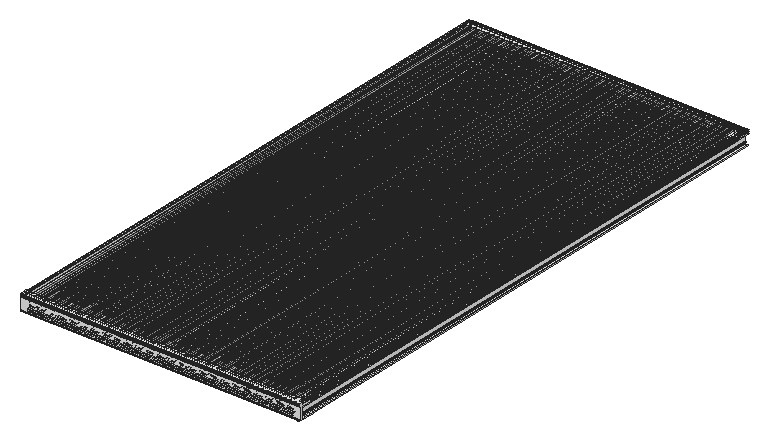
Revit family "All-Lite ECV-345", category Mechanical Equipment, host Face, Revit 2020
Family settings
  Host = Face
  Round Connector Dimension = Use Diameter
  Part Type = Normal
  Cut with Voids When Loaded = No
  Shared = No
  Room Calculation Point = No
Parameters (values of type "60" x 120"")
  Width Control = if(Width < Minimum Width, Minimum Width, Width)  # 60"
  Width = 60"
  Wall Depth [instance] = 18"
  Velocity @ .15 in.wg. Pressure Loss = "1106 fpm"  # constant formula
  URL = "https://www.alllite.com/"
  Pressure Loss = ".19 in. wg"  # constant formula
  Screen = "1/2'' x 0.063'' expanded and flattened aluminum."  # constant formula
  Product URL = "https://www.alllite.com/media/resource/ECV345.pdf"
  Revit Components [instance] = "www.commensestudio.com"
  Mullion = "Visible"  # constant formula
  Modeled By = "Commense Studio"  # constant formula
  Model = "ECV-345"  # constant formula
  Minimum Width = 12"  # constant formula
  Minimum Height = 12"  # constant formula
  Maximum Width = 60"  # constant formula
  Maximum Height = 96"  # constant formula
  Louver Placement from Face [instance] = 1"
  Height Control = if(Height < 8", 8", Height)  # 120"
  Free Area Velocity = "1250 fpm"  # constant formula
  Free Area (48" x 48") = "7.5 ft² 46.9%"  # constant formula
  Design Load = "100 psf"  # constant formula
  Air Volume Delivered = "9375 cfm"  # constant formula
  Material = "Mill finish 6063-T5 extruded aluminum."  # constant formula
  Manufacturer = "All-Lite"  # constant formula
  Aluminum [instance] = Aluminum
  Blade Height = Height Control - 1 25/32"  # 118 7/32"
  Frame = "3'' deep x 0.075'' thick channel."  # constant formula
  Description = "The ECV-345 louver is engineered and tested to withstand\r\nextreme loads, debris impact, and cyclic fatigue associated\r\nwith the severe weather effects of hurricanes. The design\r\nuses closely-spaced blades and a frame with built-in gutter\r\nand downspouts to achieve maximum water infiltration\r\nresistance for minimal louver depth. The ECV-345 is AMCA\r\n540 and 550 listed, making it ideally suited for use in\r\nhurricane-prone and windborne debris regions as per the\r\nInternational Building Code."  # constant formula
  Height = 120"
  Depth = 6"  # constant formula
  Default Elevation = 0"
  Blades = ".06'' thick vertical chevron style."  # constant formula
  Assembly Code = "B3020300"
  Array Control 2 = if(Array Control 1 < 2, 2, Array Control 1)  # 146
  Array Control 1 = (Height - 10 3/4") / 3/4"  # 146
Types (2): name | Width Control | Width | Wall Depth | URL | Product URL | Height Control | Blade Height | Height | Array Control 2 | Array Control 1
  60" x 120" | 60" | 60" | 18" | "https://www.alllite.com/" | "https://www.alllite.com/media/resource/ECV345.pdf" | 120" | 118 7/32" | 120" | 146 | 146
  36" x 48" | 36" | 36" | 12" | "https://www.pottorff.com/" | "" | 48" | 46 7/32" | 48" | 50 | 50
Reference planes (in)
  plane 1 "Center (Front/Back)": y = 0
  plane 2: z = 0
  plane 3 "Center (Left/Right)": x = 0
  plane 4 "L": x = -30
  plane 5 "R": x = 30
  plane 6 "B": y = 60
  plane 7 "F": y = -60
  plane 8 "Framing Sweeps": z = -1
  plane 9: x = -29.125
  plane 10: x = 29.125
  plane 11 "blade": z = -1.24609
  plane 12 "Blade": y = -59.728
  plane 13: y = 58.5
  plane 14: z = -7
  plane 15: z = -18
  plane 16: x = 27.96484
  plane 17: x = -28.9375
Forms (in)
  Sweep 1, solid, material "Aluminum" <- "Aluminum"
    path origin (0, 0, -1) x (-1, 0, 0) y (0, -1, 0)
      loop
        line (30, 60) -> (-30, 60)
    profile "Profile - U Channel - Parametric : 3 5/16 x 3 1/4" origin (0, -60, -1) x (0, 1, 0) y (0, 0, 1)
      loop
        arc (3.24454, -3.309) -> (3.2405, -3.2516) -> (3.19, -3.224) r 0.06
        line (3.19, -3.224) -> (0.272, -3.224) -> (0.272, -0.06) -> (1.609, -0.06)
        arc (1.609, -0.06) -> (1.62445, -0.04814) -> (1.617, -0.03014) r 0.016
        line (1.617, -0.03014) -> (1.56479, 0) -> (0, 0) -> (0, -0.208) -> (0.055, -0.208) -> (0.055, -0.115)
        arc (0.055, -0.115) -> (0.06379, -0.09379) -> (0.085, -0.085) r 0.03
        line (0.085, -0.085) -> (0.157, -0.085)
        arc (0.157, -0.085) -> (0.17821, -0.09379) -> (0.187, -0.115) r 0.03
        line (0.187, -0.115) -> (0.187, -0.497) -> (0.055, -0.497) -> (0.055, -0.439) -> (0, -0.439) -> (0, -0.557) -> (0.187, -0.557) -> (0.187, -3.224) -> (0, -3.224) -> (0, -3.309) -> (3.24454, -3.309)
  Sweep 2, solid, material "Aluminum" <- "Aluminum"
    path origin (0, 0, -1) x (-1, 0, 0) y (0, -1, 0)
      loop
        line (29.125, -60) -> (-29.125, -60)
    profile "Profile - ECV Header : 3 5/16 x 1 1/2" origin (0, 60, -1) x (0, 1, 0) y (0, 0, 1)
      loop
        line (-1.12287, -1.15692) -> (-0.26898, -0.1393)
        arc (-0.26898, -0.1393) -> (-0.23574, -0.13039) -> (-0.216, -0.15858) r 0.03
        line (-0.216, -0.15858) -> (-0.216, -0.407)
        arc (-0.216, -0.407) -> (-0.19843, -0.44943) -> (-0.156, -0.467) r 0.06
        line (-0.156, -0.467) -> (0, -0.467) -> (0, -0.349) -> (-0.055, -0.349) -> (-0.055, -0.407) -> (-0.156, -0.407) -> (-0.156, -0.06) -> (-0.055, -0.06) -> (-0.055, -0.118) -> (0, -0.118) -> (0, 0) -> (-0.19404, 0)
        arc (-0.19404, 0) -> (-0.24476, -0.01124) -> (-0.28597, -0.04287) r 0.12
        line (-0.28597, -0.04287) -> (-1.17888, -1.107) -> (-1.44, -1.107) -> (-1.44, -0.09)
        arc (-1.44, -0.09) -> (-1.43121, -0.06879) -> (-1.41, -0.06) r 0.03
        line (-1.41, -0.06) -> (-0.9661, -0.06) -> (-0.92014, -0.09857) -> (-0.85949, -0.02628)
        arc (-0.85949, -0.02628) -> (-0.85724, -0.00924) -> (-0.87175, 0) r 0.016
        line (-0.87175, 0) -> (-1.5, 0) -> (-1.5, -3.309) -> (0, -3.309) -> (0, -3.224) -> (-1.415, -3.224) -> (-1.415, -2.43313)
        arc (-1.415, -2.43313) -> (-1.40257, -2.40881) -> (-1.37557, -2.40465) r 0.03
        arc (-1.37557, -2.40465) -> (-1.29758, -2.40833) -> (-1.22898, -2.37102) r 0.145
        arc (-1.22898, -2.37102) -> (-1.22836, -2.3286) -> (-1.27078, -2.32798) r 0.03
        arc (-1.27078, -2.32798) -> (-1.415, -2.267) -> (-1.27078, -2.20602) r 0.085
        arc (-1.27078, -2.20602) -> (-1.22836, -2.2054) -> (-1.22898, -2.16298) r 0.03
        arc (-1.22898, -2.16298) -> (-1.29758, -2.12567) -> (-1.37557, -2.12935) r 0.145
        arc (-1.37557, -2.12935) -> (-1.40257, -2.12519) -> (-1.415, -2.10087) r 0.03
        line (-1.415, -2.10087) -> (-1.415, -1.43313)
        arc (-1.415, -1.43313) -> (-1.40257, -1.40881) -> (-1.37557, -1.40465) r 0.03
        arc (-1.37557, -1.40465) -> (-1.35413, -1.40998) -> (-1.33212, -1.41198) r 0.145
        arc (-1.33212, -1.41198) -> (-1.30169, -1.38243) -> (-1.33125, -1.35199) r 0.03
        arc (-1.33125, -1.35199) -> (-1.3901, -1.2069) -> (-1.24501, -1.26575) r 0.085
        arc (-1.24501, -1.26575) -> (-1.21457, -1.29531) -> (-1.18502, -1.26488) r 0.03
        arc (-1.18502, -1.26488) -> (-1.18702, -1.24287) -> (-1.19235, -1.22143) r 0.145
        arc (-1.19235, -1.22143) -> (-1.18941, -1.19627) -> (-1.16828, -1.18233) r 0.03
        arc (-1.16828, -1.18233) -> (-1.14324, -1.17379) -> (-1.12287, -1.15692) r 0.07334
  Sweep 3, solid, material "Aluminum" <- "Aluminum"
    path origin (0, 0, -1) x (-1, 0, 0) y (0, -1, 0)
      loop
        line (30, -60) -> (30, 59.728)
    profile "Profile - ECV Jamb : 3 5/16 x 1 1/2" origin (-30, 0.136, -1) x (1, 0, 0) y (0, 0, 1)
      loop
        line (0.06, -0.587) -> (0.06, -0.928)
        arc (0.06, -0.928) -> (0.06879, -0.94921) -> (0.09, -0.958) r 0.03
        line (0.09, -0.958) -> (0.56387, -0.958)
        arc (0.56387, -0.958) -> (0.58819, -0.94557) -> (0.59235, -0.91857) r 0.03
        arc (0.59235, -0.91857) -> (0.58702, -0.89713) -> (0.58502, -0.87512) r 0.145
        arc (0.58502, -0.87512) -> (0.61457, -0.84469) -> (0.64501, -0.87425) r 0.03
        arc (0.64501, -0.87425) -> (0.7901, -0.9331) -> (0.73125, -0.78801) r 0.085
        arc (0.73125, -0.78801) -> (0.70169, -0.75757) -> (0.73212, -0.72802) r 0.03
        arc (0.73212, -0.72802) -> (0.75413, -0.73002) -> (0.77557, -0.73535) r 0.145
        arc (0.77557, -0.73535) -> (0.80257, -0.73119) -> (0.815, -0.70687) r 0.03
        line (0.815, -0.70687) -> (0.815, -0.18)
        arc (0.815, -0.18) -> (0.80621, -0.15879) -> (0.785, -0.15) r 0.03
        line (0.785, -0.15) -> (0.58617, -0.15)
        arc (0.58617, -0.15) -> (0.5, -0.195) -> (0.41383, -0.15) r 0.105
        line (0.41383, -0.15) -> (0.246, -0.15)
        arc (0.246, -0.15) -> (0.22479, -0.15879) -> (0.216, -0.18) r 0.03
        line (0.216, -0.18) -> (0.216, -0.497)
        arc (0.216, -0.497) -> (0.19843, -0.53943) -> (0.156, -0.557) r 0.06
        line (0.156, -0.557) -> (0.09, -0.557)
        arc (0.09, -0.557) -> (0.06879, -0.56579) -> (0.06, -0.587) r 0.03
      loop
        arc (0, -0.958) -> (0.01757, -1.00043) -> (0.06, -1.018) r 0.06
        line (0.06, -1.018) -> (0.77, -1.018)
        arc (0.77, -1.018) -> (0.79121, -1.02679) -> (0.8, -1.048) r 0.03
        line (0.8, -1.048) -> (0.8, -2.61863)
        arc (0.8, -2.61863) -> (0.78863, -2.64215) -> (0.76314, -2.64784) r 0.03
        arc (0.76314, -2.64784) -> (0.69131, -2.64926) -> (0.62898, -2.68498) r 0.145
        arc (0.62898, -2.68498) -> (0.62836, -2.7274) -> (0.67078, -2.72802) r 0.03
        arc (0.67078, -2.72802) -> (0.815, -2.789) -> (0.67078, -2.84998) r 0.085
        arc (0.67078, -2.84998) -> (0.62836, -2.8506) -> (0.62898, -2.89302) r 0.03
        arc (0.62898, -2.89302) -> (0.69131, -2.92874) -> (0.76314, -2.93016) r 0.145
        arc (0.76314, -2.93016) -> (0.78863, -2.93585) -> (0.8, -2.95937) r 0.03
        line (0.8, -2.95937) -> (0.8, -3.089)
        arc (0.8, -3.089) -> (0.79121, -3.11021) -> (0.77, -3.119) r 0.03
        line (0.77, -3.119) -> (0.09, -3.119)
        arc (0.09, -3.119) -> (0.06879, -3.11021) -> (0.06, -3.089) r 0.03
        line (0.06, -3.089) -> (0.06, -2.974)
        arc (0.06, -2.974) -> (0.03, -2.944) -> (0, -2.974) r 0.03
        line (0, -2.974) -> (0, -3.194) -> (1.47, -3.194)
        arc (1.47, -3.194) -> (1.5, -3.164) -> (1.47, -3.134) r 0.03
        line (1.47, -3.134) -> (0.875, -3.134) -> (0.875, -0.09) -> (0.545, -0.09)
        arc (0.545, -0.09) -> (0.5, -0.135) -> (0.455, -0.09) r 0.045
        line (0.455, -0.09) -> (0, -0.09) -> (0, -0.208) -> (0.055, -0.208) -> (0.055, -0.15) -> (0.156, -0.15) -> (0.156, -0.497) -> (0.055, -0.497) -> (0.055, -0.439) -> (0, -0.439) -> (0, -0.958)
  Sweep 4, solid, material "Aluminum" <- "Aluminum"
    path origin (0, 0, -1) x (-1, 0, 0) y (0, -1, 0)
      loop
        line (-30, -60) -> (-30, 59.728)
    profile "Profile - ECV Jamb : 3 5/16 x 1 1/2" origin (30, 0.136, -1) x (1, 0, 0) y (0, 0, 1)
      loop
        arc (-0.06, -0.587) -> (-0.06879, -0.56579) -> (-0.09, -0.557) r 0.03
        line (-0.09, -0.557) -> (-0.156, -0.557)
        arc (-0.156, -0.557) -> (-0.19843, -0.53943) -> (-0.216, -0.497) r 0.06
        line (-0.216, -0.497) -> (-0.216, -0.18)
        arc (-0.216, -0.18) -> (-0.22479, -0.15879) -> (-0.246, -0.15) r 0.03
        line (-0.246, -0.15) -> (-0.41383, -0.15)
        arc (-0.41383, -0.15) -> (-0.5, -0.195) -> (-0.58617, -0.15) r 0.105
        line (-0.58617, -0.15) -> (-0.785, -0.15)
        arc (-0.785, -0.15) -> (-0.80621, -0.15879) -> (-0.815, -0.18) r 0.03
        line (-0.815, -0.18) -> (-0.815, -0.70687)
        arc (-0.815, -0.70687) -> (-0.80257, -0.73119) -> (-0.77557, -0.73535) r 0.03
        arc (-0.77557, -0.73535) -> (-0.75413, -0.73002) -> (-0.73212, -0.72802) r 0.145
        arc (-0.73212, -0.72802) -> (-0.70169, -0.75757) -> (-0.73125, -0.78801) r 0.03
        arc (-0.73125, -0.78801) -> (-0.7901, -0.9331) -> (-0.64501, -0.87425) r 0.085
        arc (-0.64501, -0.87425) -> (-0.61457, -0.84469) -> (-0.58502, -0.87512) r 0.03
        arc (-0.58502, -0.87512) -> (-0.58702, -0.89713) -> (-0.59235, -0.91857) r 0.145
        arc (-0.59235, -0.91857) -> (-0.58819, -0.94557) -> (-0.56387, -0.958) r 0.03
        line (-0.56387, -0.958) -> (-0.09, -0.958)
        arc (-0.09, -0.958) -> (-0.06879, -0.94921) -> (-0.06, -0.928) r 0.03
        line (-0.06, -0.928) -> (-0.06, -0.587)
      loop
        line (0, -0.958) -> (0, -0.439) -> (-0.055, -0.439) -> (-0.055, -0.497) -> (-0.156, -0.497) -> (-0.156, -0.15) -> (-0.055, -0.15) -> (-0.055, -0.208) -> (0, -0.208) -> (0, -0.09) -> (-0.455, -0.09)
        arc (-0.455, -0.09) -> (-0.5, -0.135) -> (-0.545, -0.09) r 0.045
        line (-0.545, -0.09) -> (-0.875, -0.09) -> (-0.875, -3.134) -> (-1.47, -3.134)
        arc (-1.47, -3.134) -> (-1.5, -3.164) -> (-1.47, -3.194) r 0.03
        line (-1.47, -3.194) -> (0, -3.194) -> (0, -2.974)
        arc (0, -2.974) -> (-0.03, -2.944) -> (-0.06, -2.974) r 0.03
        line (-0.06, -2.974) -> (-0.06, -3.089)
        arc (-0.06, -3.089) -> (-0.06879, -3.11021) -> (-0.09, -3.119) r 0.03
        line (-0.09, -3.119) -> (-0.77, -3.119)
        arc (-0.77, -3.119) -> (-0.79121, -3.11021) -> (-0.8, -3.089) r 0.03
        line (-0.8, -3.089) -> (-0.8, -2.95937)
        arc (-0.8, -2.95937) -> (-0.78863, -2.93585) -> (-0.76314, -2.93016) r 0.03
        arc (-0.76314, -2.93016) -> (-0.69131, -2.92874) -> (-0.62898, -2.89302) r 0.145
        arc (-0.62898, -2.89302) -> (-0.62836, -2.8506) -> (-0.67078, -2.84998) r 0.03
        arc (-0.67078, -2.84998) -> (-0.815, -2.789) -> (-0.67078, -2.72802) r 0.085
        arc (-0.67078, -2.72802) -> (-0.62836, -2.7274) -> (-0.62898, -2.68498) r 0.03
        arc (-0.62898, -2.68498) -> (-0.69131, -2.64926) -> (-0.76314, -2.64784) r 0.145
        arc (-0.76314, -2.64784) -> (-0.78863, -2.64215) -> (-0.8, -2.61863) r 0.03
        line (-0.8, -2.61863) -> (-0.8, -1.048)
        arc (-0.8, -1.048) -> (-0.79121, -1.02679) -> (-0.77, -1.018) r 0.03
        line (-0.77, -1.018) -> (-0.06, -1.018)
        arc (-0.06, -1.018) -> (-0.01757, -1.00043) -> (0, -0.958) r 0.06
  Extrusion 5, void
    sketch origin (10.61611, 0, 0) x (0, 0, 1) y (0, -1, 0)
      loop
        line (0, 60) -> (-18, 60) -> (-18, -60) -> (0, -60) -> (0, 60)
    from -40.61611 to 19.38389
Cuts and joins
  joined: Sweep 1, Sweep 3, Sweep 4
Lines and regions (in)
  symbolic lines
    curve 1: line (-30, 60, -1) -> (30, 60, -1)
    curve 2: line (-30, -60, -1) -> (-30, 60, -1)
    curve 3: line (30, -60, -1) -> (-30, -60, -1)
    curve 4: line (30, 60, -1) -> (30, -60, -1)
    curve 5: line (-29.5, 59.5, -1) -> (29.5, 59.5, -1)
    curve 6: line (29.5, 59.5, -1) -> (29.5, -59.5, -1)
    curve 7: line (29.5, -59.5, -1) -> (-29.5, -59.5, -1)
    curve 8: line (-29.5, -59.5, -1) -> (-29.5, 59.5, -1)
Dimensions and locks (in)
  equal spacing: plane 4 "L", plane 3 "Center (Left/Right)", plane 5 "R"
  "Width Control": plane 4 "L" to plane 5 "R"
  equal spacing: plane 7 "F", plane 1 "Center (Front/Back)", plane 6 "B"
  "Height Control": plane 7 "F" to plane 6 "B"
  "Louver Placement from Face": level to plane 8 "Framing Sweeps"
  locked: plane 4 "L" to plane 9 at 0.875
  locked: plane 10 to plane 5 "R" at 0.875
  locked: plane 7 "F" to plane 12 "Blade" at 0.272
  locked: plane 13 to plane 6 "B" at 1.5
  locked: plane 8 "Framing Sweeps" to plane 11 "blade" at 0.24609
  "Wall Depth": level to plane 15
  "Depth": plane 8 "Framing Sweeps" to plane 14
  locked: plane 17 to plane 4 "L" at 1.0625
  locked: plane 16 to plane 5 "R" at 2.03516
  equal spacing: group 1, group 3, group 4, group 5, group 6, group 7, group 8, group 9, group 10, group 11, group 12, group 13, group 14, group 15, group 16, group 17, group 18, group 19, group 20, group 21, group 22, group 23, group 24, group 25, group 26, group 27, group 28, group 29, group 30, group 31, group 32, group 33, group 34, group 35, group 36, group 37, group 38, group 39, group 40, group 41, group 42, group 43, group 44, group 45, group 46, group 47, group 48, group 49, group 50, group 51, group 52, group 53, group 54, group 55, group 56, group 57, group 58, group 59, group 60, group 61, group 62, group 63, group 64, group 65, group 66, group 67, group 68, group 69, group 70, group 71, group 72, group 73, group 74, group 75, group 76, group 77, group 78, group 79, group 80, group 81, group 82, group 83, group 84, group 85, group 86, group 87, group 88, group 89, group 90, group 91, group 92, group 93, group 94, group 95, group 96, group 97, group 98, group 99, group 100, group 101, group 102, group 103, group 104, group 105, group 106, group 107, group 108, group 109, group 110, group 111, group 112, group 113, group 114, group 115, group 116, group 117, group 118, group 119, group 120, group 121, group 122, group 123, group 124, group 125, group 126, group 127, group 128, group 129, group 130, group 131, group 132, group 133, group 134, group 135, group 136, group 137, group 138, group 139, group 140, group 141, group 142, group 143, group 144, group 145, group 146, group 2  (x3)
  plane 12 "Blade" to plane 13 = 118.228"
  aligned and locked: plane 2 to host face
  aligned and locked: level to host face
  aligned and locked: plane 6 "B" to Sweep 2 sketch curve
  aligned and locked: Sweep 4 sketch curve to plane 5 "R"
  aligned and locked: plane 9 to Sweep 2 sketch curve
  aligned and locked: Sweep 2 sketch curve to plane 10
  aligned and locked: plane 15 to Extrusion 5
  aligned and locked: plane 7 "F" to Extrusion 5
  aligned and locked: Extrusion 5 to plane 4 "L"
  aligned and locked: plane 5 "R" to Extrusion 5
  aligned and locked: plane 12 "Blade" to Sweep 3 sketch curve
  aligned and locked: plane 12 "Blade" to Sweep 4 sketch curve
  aligned and locked: nested 1 to plane 11 "blade"
  aligned and locked: nested 1 to plane 17
  aligned and locked: nested 2 to plane 11 "blade"
  aligned and locked: nested 2 to plane 16
  aligned and locked: nested 1 to plane 12 "Blade"
  aligned and locked: nested 2 to plane 12 "Blade"
Automatic sketch dimensions
  host sketch curve to host sketch curve = 96"
  host sketch curve to host sketch curve = 158.30898"
  curve 1 to plane 5 "R" = 0"
  curve 2 to plane 4 "L" = 0"
  plane 6 "B" to curve 1 = 0"
  plane 7 "F" to curve 3 = 0"
  curve 7 to plane 5 "R" = 1/2"
  plane 4 "L" to curve 7 = 1/2"
  plane 6 "B" to curve 5 = 1/2"
  curve 8 to plane 7 "F" = 1/2"
  Sweep 4 sketch curve to plane 6 "B" = 0"
  Sweep 3 sketch curve to plane 4 "L" = 0"
  Sweep 3 sketch curve to plane 6 "B" = 0"
  Sweep 1 sketch curve to plane 5 "R" = 0"
  Sweep 1 sketch curve to plane 4 "L" = 0"
  plane 7 "F" to Sweep 1 sketch curve = 0"
  Extrusion 5 sketch curve to level = 0"
  Extrusion 5 sketch curve to plane 6 "B" = 0"
  Extrusion 5 sketch curve to plane 11 "blade" = 16 193/256"
  Extrusion 5 sketch curve to plane 7 "F" = 0"
Nested families (in)
  nested 1: "Blade_Chevron-Style 3in" at (-28.9375, -0.61863, -1.24609) x (0, 1, 0) z (0, 0, 1), type "Blade_Chevron-Style 3in"
    with W 118 7/32"
  nested 2: "Blade_Chevron-Style 3in" at (27.96484, -0.61863, -1.24609) x (0, 1, 0) z (0, 0, 1), type "Blade_Chevron-Style 3in"
    with W 118 7/32"
  nested 3: "Blade_Chevron-Style 3in" at (-28.54507, -0.61863, -1.24609) x (0, 1, 0) z (0, 0, 1), type "Blade_Chevron-Style 3in"
    with W 118 7/32"
  nested 4: "Blade_Chevron-Style 3in" at (-28.15264, -0.61863, -1.24609) x (0, 1, 0) z (0, 0, 1), type "Blade_Chevron-Style 3in"
    with W 118 7/32"
  nested 5: "Blade_Chevron-Style 3in" at (-27.76021, -0.61863, -1.24609) x (0, 1, 0) z (0, 0, 1), type "Blade_Chevron-Style 3in"
    with W 118 7/32"
  nested 6: "Blade_Chevron-Style 3in" at (-27.36778, -0.61863, -1.24609) x (0, 1, 0) z (0, 0, 1), type "Blade_Chevron-Style 3in"
    with W 118 7/32"
  nested 7: "Blade_Chevron-Style 3in" at (-26.97535, -0.61863, -1.24609) x (0, 1, 0) z (0, 0, 1), type "Blade_Chevron-Style 3in"
    with W 118 7/32"
  nested 8: "Blade_Chevron-Style 3in" at (-26.58292, -0.61863, -1.24609) x (0, 1, 0) z (0, 0, 1), type "Blade_Chevron-Style 3in"
    with W 118 7/32"
  nested 9: "Blade_Chevron-Style 3in" at (-26.19049, -0.61863, -1.24609) x (0, 1, 0) z (0, 0, 1), type "Blade_Chevron-Style 3in"
    with W 118 7/32"
  nested 10: "Blade_Chevron-Style 3in" at (-25.79806, -0.61863, -1.24609) x (0, 1, 0) z (0, 0, 1), type "Blade_Chevron-Style 3in"
    with W 118 7/32"
  nested 11: "Blade_Chevron-Style 3in" at (-25.40563, -0.61863, -1.24609) x (0, 1, 0) z (0, 0, 1), type "Blade_Chevron-Style 3in"
    with W 118 7/32"
  nested 12: "Blade_Chevron-Style 3in" at (-25.0132, -0.61863, -1.24609) x (0, 1, 0) z (0, 0, 1), type "Blade_Chevron-Style 3in"
    with W 118 7/32"
  nested 13: "Blade_Chevron-Style 3in" at (-24.62077, -0.61863, -1.24609) x (0, 1, 0) z (0, 0, 1), type "Blade_Chevron-Style 3in"
    with W 118 7/32"
  nested 14: "Blade_Chevron-Style 3in" at (-24.22834, -0.61863, -1.24609) x (0, 1, 0) z (0, 0, 1), type "Blade_Chevron-Style 3in"
    with W 118 7/32"
  nested 15: "Blade_Chevron-Style 3in" at (-23.83591, -0.61863, -1.24609) x (0, 1, 0) z (0, 0, 1), type "Blade_Chevron-Style 3in"
    with W 118 7/32"
  nested 16: "Blade_Chevron-Style 3in" at (-23.44348, -0.61863, -1.24609) x (0, 1, 0) z (0, 0, 1), type "Blade_Chevron-Style 3in"
    with W 118 7/32"
  nested 17: "Blade_Chevron-Style 3in" at (-23.05105, -0.61863, -1.24609) x (0, 1, 0) z (0, 0, 1), type "Blade_Chevron-Style 3in"
    with W 118 7/32"
  nested 18: "Blade_Chevron-Style 3in" at (-22.65862, -0.61863, -1.24609) x (0, 1, 0) z (0, 0, 1), type "Blade_Chevron-Style 3in"
    with W 118 7/32"
  nested 19: "Blade_Chevron-Style 3in" at (-22.26619, -0.61863, -1.24609) x (0, 1, 0) z (0, 0, 1), type "Blade_Chevron-Style 3in"
    with W 118 7/32"
  nested 20: "Blade_Chevron-Style 3in" at (-21.87376, -0.61863, -1.24609) x (0, 1, 0) z (0, 0, 1), type "Blade_Chevron-Style 3in"
    with W 118 7/32"
  nested 21: "Blade_Chevron-Style 3in" at (-21.48133, -0.61863, -1.24609) x (0, 1, 0) z (0, 0, 1), type "Blade_Chevron-Style 3in"
    with W 118 7/32"
  nested 22: "Blade_Chevron-Style 3in" at (-21.0889, -0.61863, -1.24609) x (0, 1, 0) z (0, 0, 1), type "Blade_Chevron-Style 3in"
    with W 118 7/32"
  nested 23: "Blade_Chevron-Style 3in" at (-20.69647, -0.61863, -1.24609) x (0, 1, 0) z (0, 0, 1), type "Blade_Chevron-Style 3in"
    with W 118 7/32"
  nested 24: "Blade_Chevron-Style 3in" at (-20.30404, -0.61863, -1.24609) x (0, 1, 0) z (0, 0, 1), type "Blade_Chevron-Style 3in"
    with W 118 7/32"
  nested 25: "Blade_Chevron-Style 3in" at (-19.91161, -0.61863, -1.24609) x (0, 1, 0) z (0, 0, 1), type "Blade_Chevron-Style 3in"
    with W 118 7/32"
  nested 26: "Blade_Chevron-Style 3in" at (-19.51918, -0.61863, -1.24609) x (0, 1, 0) z (0, 0, 1), type "Blade_Chevron-Style 3in"
    with W 118 7/32"
  nested 27: "Blade_Chevron-Style 3in" at (-19.12675, -0.61863, -1.24609) x (0, 1, 0) z (0, 0, 1), type "Blade_Chevron-Style 3in"
    with W 118 7/32"
  nested 28: "Blade_Chevron-Style 3in" at (-18.73432, -0.61863, -1.24609) x (0, 1, 0) z (0, 0, 1), type "Blade_Chevron-Style 3in"
    with W 118 7/32"
  nested 29: "Blade_Chevron-Style 3in" at (-18.34189, -0.61863, -1.24609) x (0, 1, 0) z (0, 0, 1), type "Blade_Chevron-Style 3in"
    with W 118 7/32"
  nested 30: "Blade_Chevron-Style 3in" at (-17.94946, -0.61863, -1.24609) x (0, 1, 0) z (0, 0, 1), type "Blade_Chevron-Style 3in"
    with W 118 7/32"
  nested 31: "Blade_Chevron-Style 3in" at (-17.55703, -0.61863, -1.24609) x (0, 1, 0) z (0, 0, 1), type "Blade_Chevron-Style 3in"
    with W 118 7/32"
  nested 32: "Blade_Chevron-Style 3in" at (-17.1646, -0.61863, -1.24609) x (0, 1, 0) z (0, 0, 1), type "Blade_Chevron-Style 3in"
    with W 118 7/32"
  nested 33: "Blade_Chevron-Style 3in" at (-16.77217, -0.61863, -1.24609) x (0, 1, 0) z (0, 0, 1), type "Blade_Chevron-Style 3in"
    with W 118 7/32"
  nested 34: "Blade_Chevron-Style 3in" at (-16.37974, -0.61863, -1.24609) x (0, 1, 0) z (0, 0, 1), type "Blade_Chevron-Style 3in"
    with W 118 7/32"
  nested 35: "Blade_Chevron-Style 3in" at (-15.98731, -0.61863, -1.24609) x (0, 1, 0) z (0, 0, 1), type "Blade_Chevron-Style 3in"
    with W 118 7/32"
  nested 36: "Blade_Chevron-Style 3in" at (-15.59488, -0.61863, -1.24609) x (0, 1, 0) z (0, 0, 1), type "Blade_Chevron-Style 3in"
    with W 118 7/32"
  nested 37: "Blade_Chevron-Style 3in" at (-15.20245, -0.61863, -1.24609) x (0, 1, 0) z (0, 0, 1), type "Blade_Chevron-Style 3in"
    with W 118 7/32"
  nested 38: "Blade_Chevron-Style 3in" at (-14.81002, -0.61863, -1.24609) x (0, 1, 0) z (0, 0, 1), type "Blade_Chevron-Style 3in"
    with W 118 7/32"
  nested 39: "Blade_Chevron-Style 3in" at (-14.41759, -0.61863, -1.24609) x (0, 1, 0) z (0, 0, 1), type "Blade_Chevron-Style 3in"
    with W 118 7/32"
  nested 40: "Blade_Chevron-Style 3in" at (-14.02516, -0.61863, -1.24609) x (0, 1, 0) z (0, 0, 1), type "Blade_Chevron-Style 3in"
    with W 118 7/32"
  nested 41: "Blade_Chevron-Style 3in" at (-13.63273, -0.61863, -1.24609) x (0, 1, 0) z (0, 0, 1), type "Blade_Chevron-Style 3in"
    with W 118 7/32"
  nested 42: "Blade_Chevron-Style 3in" at (-13.2403, -0.61863, -1.24609) x (0, 1, 0) z (0, 0, 1), type "Blade_Chevron-Style 3in"
    with W 118 7/32"
  nested 43: "Blade_Chevron-Style 3in" at (-12.84787, -0.61863, -1.24609) x (0, 1, 0) z (0, 0, 1), type "Blade_Chevron-Style 3in"
    with W 118 7/32"
  nested 44: "Blade_Chevron-Style 3in" at (-12.45544, -0.61863, -1.24609) x (0, 1, 0) z (0, 0, 1), type "Blade_Chevron-Style 3in"
    with W 118 7/32"
  nested 45: "Blade_Chevron-Style 3in" at (-12.06301, -0.61863, -1.24609) x (0, 1, 0) z (0, 0, 1), type "Blade_Chevron-Style 3in"
    with W 118 7/32"
  nested 46: "Blade_Chevron-Style 3in" at (-11.67058, -0.61863, -1.24609) x (0, 1, 0) z (0, 0, 1), type "Blade_Chevron-Style 3in"
    with W 118 7/32"
  nested 47: "Blade_Chevron-Style 3in" at (-11.27815, -0.61863, -1.24609) x (0, 1, 0) z (0, 0, 1), type "Blade_Chevron-Style 3in"
    with W 118 7/32"
  nested 48: "Blade_Chevron-Style 3in" at (-10.88572, -0.61863, -1.24609) x (0, 1, 0) z (0, 0, 1), type "Blade_Chevron-Style 3in"
    with W 118 7/32"
  nested 49: "Blade_Chevron-Style 3in" at (-10.49329, -0.61863, -1.24609) x (0, 1, 0) z (0, 0, 1), type "Blade_Chevron-Style 3in"
    with W 118 7/32"
  nested 50: "Blade_Chevron-Style 3in" at (-10.10086, -0.61863, -1.24609) x (0, 1, 0) z (0, 0, 1), type "Blade_Chevron-Style 3in"
    with W 118 7/32"
  nested 51: "Blade_Chevron-Style 3in" at (-9.70843, -0.61863, -1.24609) x (0, 1, 0) z (0, 0, 1), type "Blade_Chevron-Style 3in"
    with W 118 7/32"
  nested 52: "Blade_Chevron-Style 3in" at (-9.316, -0.61863, -1.24609) x (0, 1, 0) z (0, 0, 1), type "Blade_Chevron-Style 3in"
    with W 118 7/32"
  nested 53: "Blade_Chevron-Style 3in" at (-8.92357, -0.61863, -1.24609) x (0, 1, 0) z (0, 0, 1), type "Blade_Chevron-Style 3in"
    with W 118 7/32"
  nested 54: "Blade_Chevron-Style 3in" at (-8.53114, -0.61863, -1.24609) x (0, 1, 0) z (0, 0, 1), type "Blade_Chevron-Style 3in"
    with W 118 7/32"
  nested 55: "Blade_Chevron-Style 3in" at (-8.13871, -0.61863, -1.24609) x (0, 1, 0) z (0, 0, 1), type "Blade_Chevron-Style 3in"
    with W 118 7/32"
  nested 56: "Blade_Chevron-Style 3in" at (-7.74628, -0.61863, -1.24609) x (0, 1, 0) z (0, 0, 1), type "Blade_Chevron-Style 3in"
    with W 118 7/32"
  nested 57: "Blade_Chevron-Style 3in" at (-7.35385, -0.61863, -1.24609) x (0, 1, 0) z (0, 0, 1), type "Blade_Chevron-Style 3in"
    with W 118 7/32"
  nested 58: "Blade_Chevron-Style 3in" at (-6.96142, -0.61863, -1.24609) x (0, 1, 0) z (0, 0, 1), type "Blade_Chevron-Style 3in"
    with W 118 7/32"
  nested 59: "Blade_Chevron-Style 3in" at (-6.56899, -0.61863, -1.24609) x (0, 1, 0) z (0, 0, 1), type "Blade_Chevron-Style 3in"
    with W 118 7/32"
  nested 60: "Blade_Chevron-Style 3in" at (-6.17656, -0.61863, -1.24609) x (0, 1, 0) z (0, 0, 1), type "Blade_Chevron-Style 3in"
    with W 118 7/32"
  nested 61: "Blade_Chevron-Style 3in" at (-5.78413, -0.61863, -1.24609) x (0, 1, 0) z (0, 0, 1), type "Blade_Chevron-Style 3in"
    with W 118 7/32"
  nested 62: "Blade_Chevron-Style 3in" at (-5.3917, -0.61863, -1.24609) x (0, 1, 0) z (0, 0, 1), type "Blade_Chevron-Style 3in"
    with W 118 7/32"
  nested 63: "Blade_Chevron-Style 3in" at (-4.99927, -0.61863, -1.24609) x (0, 1, 0) z (0, 0, 1), type "Blade_Chevron-Style 3in"
    with W 118 7/32"
  nested 64: "Blade_Chevron-Style 3in" at (-4.60684, -0.61863, -1.24609) x (0, 1, 0) z (0, 0, 1), type "Blade_Chevron-Style 3in"
    with W 118 7/32"
  nested 65: "Blade_Chevron-Style 3in" at (-4.21441, -0.61863, -1.24609) x (0, 1, 0) z (0, 0, 1), type "Blade_Chevron-Style 3in"
    with W 118 7/32"
  nested 66: "Blade_Chevron-Style 3in" at (-3.82198, -0.61863, -1.24609) x (0, 1, 0) z (0, 0, 1), type "Blade_Chevron-Style 3in"
    with W 118 7/32"
  nested 67: "Blade_Chevron-Style 3in" at (-3.42955, -0.61863, -1.24609) x (0, 1, 0) z (0, 0, 1), type "Blade_Chevron-Style 3in"
    with W 118 7/32"
  nested 68: "Blade_Chevron-Style 3in" at (-3.03712, -0.61863, -1.24609) x (0, 1, 0) z (0, 0, 1), type "Blade_Chevron-Style 3in"
    with W 118 7/32"
  nested 69: "Blade_Chevron-Style 3in" at (-2.64469, -0.61863, -1.24609) x (0, 1, 0) z (0, 0, 1), type "Blade_Chevron-Style 3in"
    with W 118 7/32"
  nested 70: "Blade_Chevron-Style 3in" at (-2.25226, -0.61863, -1.24609) x (0, 1, 0) z (0, 0, 1), type "Blade_Chevron-Style 3in"
    with W 118 7/32"
  nested 71: "Blade_Chevron-Style 3in" at (-1.85983, -0.61863, -1.24609) x (0, 1, 0) z (0, 0, 1), type "Blade_Chevron-Style 3in"
    with W 118 7/32"
  nested 72: "Blade_Chevron-Style 3in" at (-1.4674, -0.61863, -1.24609) x (0, 1, 0) z (0, 0, 1), type "Blade_Chevron-Style 3in"
    with W 118 7/32"
  nested 73: "Blade_Chevron-Style 3in" at (-1.07497, -0.61863, -1.24609) x (0, 1, 0) z (0, 0, 1), type "Blade_Chevron-Style 3in"
    with W 118 7/32"
  nested 74: "Blade_Chevron-Style 3in" at (-0.68254, -0.61863, -1.24609) x (0, 1, 0) z (0, 0, 1), type "Blade_Chevron-Style 3in"
    with W 118 7/32"
  nested 75: "Blade_Chevron-Style 3in" at (-0.29011, -0.61863, -1.24609) x (0, 1, 0) z (0, 0, 1), type "Blade_Chevron-Style 3in"
    with W 118 7/32"
  nested 76: "Blade_Chevron-Style 3in" at (0.10232, -0.61863, -1.24609) x (0, 1, 0) z (0, 0, 1), type "Blade_Chevron-Style 3in"
    with W 118 7/32"
  nested 77: "Blade_Chevron-Style 3in" at (0.49475, -0.61863, -1.24609) x (0, 1, 0) z (0, 0, 1), type "Blade_Chevron-Style 3in"
    with W 118 7/32"
  nested 78: "Blade_Chevron-Style 3in" at (0.88718, -0.61863, -1.24609) x (0, 1, 0) z (0, 0, 1), type "Blade_Chevron-Style 3in"
    with W 118 7/32"
  nested 79: "Blade_Chevron-Style 3in" at (1.27961, -0.61863, -1.24609) x (0, 1, 0) z (0, 0, 1), type "Blade_Chevron-Style 3in"
    with W 118 7/32"
  nested 80: "Blade_Chevron-Style 3in" at (1.67204, -0.61863, -1.24609) x (0, 1, 0) z (0, 0, 1), type "Blade_Chevron-Style 3in"
    with W 118 7/32"
  nested 81: "Blade_Chevron-Style 3in" at (2.06447, -0.61863, -1.24609) x (0, 1, 0) z (0, 0, 1), type "Blade_Chevron-Style 3in"
    with W 118 7/32"
  nested 82: "Blade_Chevron-Style 3in" at (2.4569, -0.61863, -1.24609) x (0, 1, 0) z (0, 0, 1), type "Blade_Chevron-Style 3in"
    with W 118 7/32"
  nested 83: "Blade_Chevron-Style 3in" at (2.84933, -0.61863, -1.24609) x (0, 1, 0) z (0, 0, 1), type "Blade_Chevron-Style 3in"
    with W 118 7/32"
  nested 84: "Blade_Chevron-Style 3in" at (3.24176, -0.61863, -1.24609) x (0, 1, 0) z (0, 0, 1), type "Blade_Chevron-Style 3in"
    with W 118 7/32"
  nested 85: "Blade_Chevron-Style 3in" at (3.63419, -0.61863, -1.24609) x (0, 1, 0) z (0, 0, 1), type "Blade_Chevron-Style 3in"
    with W 118 7/32"
  nested 86: "Blade_Chevron-Style 3in" at (4.02662, -0.61863, -1.24609) x (0, 1, 0) z (0, 0, 1), type "Blade_Chevron-Style 3in"
    with W 118 7/32"
  nested 87: "Blade_Chevron-Style 3in" at (4.41905, -0.61863, -1.24609) x (0, 1, 0) z (0, 0, 1), type "Blade_Chevron-Style 3in"
    with W 118 7/32"
  nested 88: "Blade_Chevron-Style 3in" at (4.81148, -0.61863, -1.24609) x (0, 1, 0) z (0, 0, 1), type "Blade_Chevron-Style 3in"
    with W 118 7/32"
  nested 89: "Blade_Chevron-Style 3in" at (5.20391, -0.61863, -1.24609) x (0, 1, 0) z (0, 0, 1), type "Blade_Chevron-Style 3in"
    with W 118 7/32"
  nested 90: "Blade_Chevron-Style 3in" at (5.59634, -0.61863, -1.24609) x (0, 1, 0) z (0, 0, 1), type "Blade_Chevron-Style 3in"
    with W 118 7/32"
  nested 91: "Blade_Chevron-Style 3in" at (5.98877, -0.61863, -1.24609) x (0, 1, 0) z (0, 0, 1), type "Blade_Chevron-Style 3in"
    with W 118 7/32"
  nested 92: "Blade_Chevron-Style 3in" at (6.3812, -0.61863, -1.24609) x (0, 1, 0) z (0, 0, 1), type "Blade_Chevron-Style 3in"
    with W 118 7/32"
  nested 93: "Blade_Chevron-Style 3in" at (6.77363, -0.61863, -1.24609) x (0, 1, 0) z (0, 0, 1), type "Blade_Chevron-Style 3in"
    with W 118 7/32"
  nested 94: "Blade_Chevron-Style 3in" at (7.16606, -0.61863, -1.24609) x (0, 1, 0) z (0, 0, 1), type "Blade_Chevron-Style 3in"
    with W 118 7/32"
  nested 95: "Blade_Chevron-Style 3in" at (7.55849, -0.61863, -1.24609) x (0, 1, 0) z (0, 0, 1), type "Blade_Chevron-Style 3in"
    with W 118 7/32"
  nested 96: "Blade_Chevron-Style 3in" at (7.95092, -0.61863, -1.24609) x (0, 1, 0) z (0, 0, 1), type "Blade_Chevron-Style 3in"
    with W 118 7/32"
  nested 97: "Blade_Chevron-Style 3in" at (8.34335, -0.61863, -1.24609) x (0, 1, 0) z (0, 0, 1), type "Blade_Chevron-Style 3in"
    with W 118 7/32"
  nested 98: "Blade_Chevron-Style 3in" at (8.73578, -0.61863, -1.24609) x (0, 1, 0) z (0, 0, 1), type "Blade_Chevron-Style 3in"
    with W 118 7/32"
  nested 99: "Blade_Chevron-Style 3in" at (9.12821, -0.61863, -1.24609) x (0, 1, 0) z (0, 0, 1), type "Blade_Chevron-Style 3in"
    with W 118 7/32"
  nested 100: "Blade_Chevron-Style 3in" at (9.52064, -0.61863, -1.24609) x (0, 1, 0) z (0, 0, 1), type "Blade_Chevron-Style 3in"
    with W 118 7/32"
  nested 101: "Blade_Chevron-Style 3in" at (9.91307, -0.61863, -1.24609) x (0, 1, 0) z (0, 0, 1), type "Blade_Chevron-Style 3in"
    with W 118 7/32"
  nested 102: "Blade_Chevron-Style 3in" at (10.3055, -0.61863, -1.24609) x (0, 1, 0) z (0, 0, 1), type "Blade_Chevron-Style 3in"
    with W 118 7/32"
  nested 103: "Blade_Chevron-Style 3in" at (10.69793, -0.61863, -1.24609) x (0, 1, 0) z (0, 0, 1), type "Blade_Chevron-Style 3in"
    with W 118 7/32"
  nested 104: "Blade_Chevron-Style 3in" at (11.09036, -0.61863, -1.24609) x (0, 1, 0) z (0, 0, 1), type "Blade_Chevron-Style 3in"
    with W 118 7/32"
  nested 105: "Blade_Chevron-Style 3in" at (11.48279, -0.61863, -1.24609) x (0, 1, 0) z (0, 0, 1), type "Blade_Chevron-Style 3in"
    with W 118 7/32"
  nested 106: "Blade_Chevron-Style 3in" at (11.87522, -0.61863, -1.24609) x (0, 1, 0) z (0, 0, 1), type "Blade_Chevron-Style 3in"
    with W 118 7/32"
  nested 107: "Blade_Chevron-Style 3in" at (12.26765, -0.61863, -1.24609) x (0, 1, 0) z (0, 0, 1), type "Blade_Chevron-Style 3in"
    with W 118 7/32"
  nested 108: "Blade_Chevron-Style 3in" at (12.66008, -0.61863, -1.24609) x (0, 1, 0) z (0, 0, 1), type "Blade_Chevron-Style 3in"
    with W 118 7/32"
  nested 109: "Blade_Chevron-Style 3in" at (13.05251, -0.61863, -1.24609) x (0, 1, 0) z (0, 0, 1), type "Blade_Chevron-Style 3in"
    with W 118 7/32"
  nested 110: "Blade_Chevron-Style 3in" at (13.44494, -0.61863, -1.24609) x (0, 1, 0) z (0, 0, 1), type "Blade_Chevron-Style 3in"
    with W 118 7/32"
  nested 111: "Blade_Chevron-Style 3in" at (13.83737, -0.61863, -1.24609) x (0, 1, 0) z (0, 0, 1), type "Blade_Chevron-Style 3in"
    with W 118 7/32"
  nested 112: "Blade_Chevron-Style 3in" at (14.2298, -0.61863, -1.24609) x (0, 1, 0) z (0, 0, 1), type "Blade_Chevron-Style 3in"
    with W 118 7/32"
  nested 113: "Blade_Chevron-Style 3in" at (14.62223, -0.61863, -1.24609) x (0, 1, 0) z (0, 0, 1), type "Blade_Chevron-Style 3in"
    with W 118 7/32"
  nested 114: "Blade_Chevron-Style 3in" at (15.01466, -0.61863, -1.24609) x (0, 1, 0) z (0, 0, 1), type "Blade_Chevron-Style 3in"
    with W 118 7/32"
  nested 115: "Blade_Chevron-Style 3in" at (15.40709, -0.61863, -1.24609) x (0, 1, 0) z (0, 0, 1), type "Blade_Chevron-Style 3in"
    with W 118 7/32"
  nested 116: "Blade_Chevron-Style 3in" at (15.79952, -0.61863, -1.24609) x (0, 1, 0) z (0, 0, 1), type "Blade_Chevron-Style 3in"
    with W 118 7/32"
  nested 117: "Blade_Chevron-Style 3in" at (16.19195, -0.61863, -1.24609) x (0, 1, 0) z (0, 0, 1), type "Blade_Chevron-Style 3in"
    with W 118 7/32"
  nested 118: "Blade_Chevron-Style 3in" at (16.58438, -0.61863, -1.24609) x (0, 1, 0) z (0, 0, 1), type "Blade_Chevron-Style 3in"
    with W 118 7/32"
  nested 119: "Blade_Chevron-Style 3in" at (16.9768, -0.61863, -1.24609) x (0, 1, 0) z (0, 0, 1), type "Blade_Chevron-Style 3in"
    with W 118 7/32"
  nested 120: "Blade_Chevron-Style 3in" at (17.36923, -0.61863, -1.24609) x (0, 1, 0) z (0, 0, 1), type "Blade_Chevron-Style 3in"
    with W 118 7/32"
  nested 121: "Blade_Chevron-Style 3in" at (17.76166, -0.61863, -1.24609) x (0, 1, 0) z (0, 0, 1), type "Blade_Chevron-Style 3in"
    with W 118 7/32"
  nested 122: "Blade_Chevron-Style 3in" at (18.15409, -0.61863, -1.24609) x (0, 1, 0) z (0, 0, 1), type "Blade_Chevron-Style 3in"
    with W 118 7/32"
  nested 123: "Blade_Chevron-Style 3in" at (18.54652, -0.61863, -1.24609) x (0, 1, 0) z (0, 0, 1), type "Blade_Chevron-Style 3in"
    with W 118 7/32"
  nested 124: "Blade_Chevron-Style 3in" at (18.93895, -0.61863, -1.24609) x (0, 1, 0) z (0, 0, 1), type "Blade_Chevron-Style 3in"
    with W 118 7/32"
  nested 125: "Blade_Chevron-Style 3in" at (19.33138, -0.61863, -1.24609) x (0, 1, 0) z (0, 0, 1), type "Blade_Chevron-Style 3in"
    with W 118 7/32"
  nested 126: "Blade_Chevron-Style 3in" at (19.72381, -0.61863, -1.24609) x (0, 1, 0) z (0, 0, 1), type "Blade_Chevron-Style 3in"
    with W 118 7/32"
  nested 127: "Blade_Chevron-Style 3in" at (20.11624, -0.61863, -1.24609) x (0, 1, 0) z (0, 0, 1), type "Blade_Chevron-Style 3in"
    with W 118 7/32"
  nested 128: "Blade_Chevron-Style 3in" at (20.50867, -0.61863, -1.24609) x (0, 1, 0) z (0, 0, 1), type "Blade_Chevron-Style 3in"
    with W 118 7/32"
  nested 129: "Blade_Chevron-Style 3in" at (20.9011, -0.61863, -1.24609) x (0, 1, 0) z (0, 0, 1), type "Blade_Chevron-Style 3in"
    with W 118 7/32"
  nested 130: "Blade_Chevron-Style 3in" at (21.29353, -0.61863, -1.24609) x (0, 1, 0) z (0, 0, 1), type "Blade_Chevron-Style 3in"
    with W 118 7/32"
  nested 131: "Blade_Chevron-Style 3in" at (21.68596, -0.61863, -1.24609) x (0, 1, 0) z (0, 0, 1), type "Blade_Chevron-Style 3in"
    with W 118 7/32"
  nested 132: "Blade_Chevron-Style 3in" at (22.07839, -0.61863, -1.24609) x (0, 1, 0) z (0, 0, 1), type "Blade_Chevron-Style 3in"
    with W 118 7/32"
  nested 133: "Blade_Chevron-Style 3in" at (22.47082, -0.61863, -1.24609) x (0, 1, 0) z (0, 0, 1), type "Blade_Chevron-Style 3in"
    with W 118 7/32"
  nested 134: "Blade_Chevron-Style 3in" at (22.86325, -0.61863, -1.24609) x (0, 1, 0) z (0, 0, 1), type "Blade_Chevron-Style 3in"
    with W 118 7/32"
  nested 135: "Blade_Chevron-Style 3in" at (23.25568, -0.61863, -1.24609) x (0, 1, 0) z (0, 0, 1), type "Blade_Chevron-Style 3in"
    with W 118 7/32"
  nested 136: "Blade_Chevron-Style 3in" at (23.64811, -0.61863, -1.24609) x (0, 1, 0) z (0, 0, 1), type "Blade_Chevron-Style 3in"
    with W 118 7/32"
  nested 137: "Blade_Chevron-Style 3in" at (24.04054, -0.61863, -1.24609) x (0, 1, 0) z (0, 0, 1), type "Blade_Chevron-Style 3in"
    with W 118 7/32"
  nested 138: "Blade_Chevron-Style 3in" at (24.43297, -0.61863, -1.24609) x (0, 1, 0) z (0, 0, 1), type "Blade_Chevron-Style 3in"
    with W 118 7/32"
  nested 139: "Blade_Chevron-Style 3in" at (24.8254, -0.61863, -1.24609) x (0, 1, 0) z (0, 0, 1), type "Blade_Chevron-Style 3in"
    with W 118 7/32"
  nested 140: "Blade_Chevron-Style 3in" at (25.21783, -0.61863, -1.24609) x (0, 1, 0) z (0, 0, 1), type "Blade_Chevron-Style 3in"
    with W 118 7/32"
  nested 141: "Blade_Chevron-Style 3in" at (25.61026, -0.61863, -1.24609) x (0, 1, 0) z (0, 0, 1), type "Blade_Chevron-Style 3in"
    with W 118 7/32"
  nested 142: "Blade_Chevron-Style 3in" at (26.00269, -0.61863, -1.24609) x (0, 1, 0) z (0, 0, 1), type "Blade_Chevron-Style 3in"
    with W 118 7/32"
  nested 143: "Blade_Chevron-Style 3in" at (26.39512, -0.61863, -1.24609) x (0, 1, 0) z (0, 0, 1), type "Blade_Chevron-Style 3in"
    with W 118 7/32"
  nested 144: "Blade_Chevron-Style 3in" at (26.78755, -0.61863, -1.24609) x (0, 1, 0) z (0, 0, 1), type "Blade_Chevron-Style 3in"
    with W 118 7/32"
  nested 145: "Blade_Chevron-Style 3in" at (27.17998, -0.61863, -1.24609) x (0, 1, 0) z (0, 0, 1), type "Blade_Chevron-Style 3in"
    with W 118 7/32"
  nested 146: "Blade_Chevron-Style 3in" at (27.57241, -0.61863, -1.24609) x (0, 1, 0) z (0, 0, 1), type "Blade_Chevron-Style 3in"
    with W 118 7/32"
Connectors (in)
  hvac at (0, 0, -1), driven by "Height", driven by "Width"
    settings: index 1, duct flow 0 CFM, flow factor 0, pres drop 0.00 in-wg, loss coef 0, conn angle 0.00°, conn width 60", conn height 120", conn diameter 24", duct sys type 1, conn prof type 1, flow config 0, flow direction 0, loss method 0, conn ref index -1, conn util no, is conn primary yes, conn desc ""
Definition of nested family "Blade_Chevron-Style 3in"
  Parameters (values of type "Blade_Chevron-Style 3in")
    W = 58"
    Default Elevation = 0"
    Blade = none
    Assembly Code = ""
  Reference planes (in)
    plane 1 "Center (Front/Back)": y = 0
    plane 2: z = 0
    plane 3 "Center (Left/Right)": x = 0
    plane 4: x = -29
    plane 5: x = 29
    plane 6: z = 0
    plane 7: y = 0.75
  Forms (in)
    Sweep 1, solid, material <- "Blade"
      path origin (0, 0, 0) x (1, 0, 0) y (0, 0, -1)
        loop
          line (-29, 0) -> (29, 0)
      profile "Profile - Chevron Blade - 3in : Profile - Chevron Blade - 3in" origin (0, 0, 0) x (0, 0, -1) y (0, 1, 0)
        loop
          line (2.79688, 0) -> (2.79688, 0.28898)
          arc (2.79688, 0.28898) -> (2.15198, 0.47445) -> (1.6845, 0.95587) r 1.305
          arc (1.6845, 0.95587) -> (1.6562, 0.99169) -> (1.61816, 1.01693) r 0.145
          arc (1.61816, 1.01693) -> (1.41097, 1.062) -> (1.20372, 1.01715) r 0.5
          arc (1.20372, 1.01715) -> (1.19379, 0.99066) -> (1.22028, 0.98073) r 0.02
          arc (1.22028, 0.98073) -> (1.31778, 1.01252) -> (1.4199, 1.02191) r 0.46
          arc (1.4199, 1.02191) -> (1.44605, 1.00549) -> (1.44386, 0.97468) r 0.03
          arc (1.44386, 0.97468) -> (1.3232, 0.85585) -> (1.16827, 0.78749) r 0.47
          arc (1.16827, 0.78749) -> (0.88443, 0.66217) -> (0.66353, 0.44428) r 0.86
          line (0.66353, 0.44428) -> (0.54972, 0.28174)
          arc (0.54972, 0.28174) -> (0.36387, 0.11875) -> (0.12376, 0.06) r 0.52
          line (0.12376, 0.06) -> (0.08743, 0.06)
          arc (0.08743, 0.06) -> (0.00826, 0.07098) -> (0.045, 0) r 0.045
          line (0.045, 0) -> (0.12376, 0)
          arc (0.12376, 0) -> (0.39158, 0.06553) -> (0.59887, 0.24733) r 0.58
          line (0.59887, 0.24733) -> (0.71268, 0.40986)
          arc (0.71268, 0.40986) -> (0.91816, 0.61255) -> (1.1822, 0.72913) r 0.8
          arc (1.1822, 0.72913) -> (1.28882, 0.767) -> (1.38497, 0.82664) r 0.53
          arc (1.38497, 0.82664) -> (1.40968, 0.83232) -> (1.42991, 0.81704) r 0.03
          arc (1.42991, 0.81704) -> (1.44131, 0.79893) -> (1.45524, 0.7827) r 0.145
          arc (1.45524, 0.7827) -> (1.49767, 0.7826) -> (1.49776, 0.82503) r 0.03
          arc (1.49776, 0.82503) -> (1.558, 0.97) -> (1.61824, 0.82503) r 0.085
          arc (1.61824, 0.82503) -> (1.62139, 0.77995) -> (1.66563, 0.78913) r 0.03
          arc (1.66563, 0.78913) -> (1.69107, 0.80498) -> (1.71815, 0.79214) r 0.03125
          arc (1.71815, 0.79214) -> (2.06167, 0.46076) -> (2.49827, 0.26791) r 1.365
          arc (2.49827, 0.26791) -> (2.51651, 0.25476) -> (2.5205, 0.23263) r 0.03
          arc (2.5205, 0.23263) -> (2.53557, 0.20013) -> (2.57103, 0.20524) r 0.03
          arc (2.57103, 0.20524) -> (2.716, 0.145) -> (2.57103, 0.08476) r 0.085
          arc (2.57103, 0.08476) -> (2.5286, 0.08467) -> (2.5287, 0.04224) r 0.03
          arc (2.5287, 0.04224) -> (2.57566, 0.01098) -> (2.631, 0) r 0.145
          line (2.631, 0) -> (2.79688, 0)
  Dimensions and locks (in)
    plane 5 to plane 4 = 58"
    equal spacing: plane 4, plane 3 "Center (Left/Right)", plane 5
    "W": plane 4 to plane 5
    plane 1 "Center (Front/Back)" to plane 7 = 3/4"
    aligned and locked: plane 2 to level
  Automatic sketch dimensions
    Sweep 1 sketch curve to plane 4 = 0"
    Sweep 1 sketch curve to plane 5 = 0"
    level to Sweep 1 sketch curve = 0"
